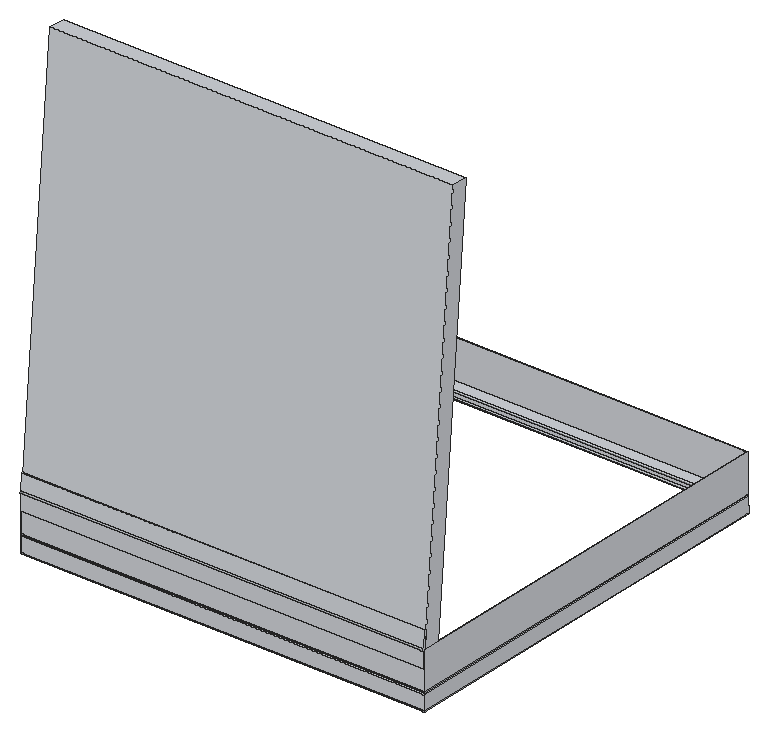
Revit family "CD-P", category Mechanical Equipment, Revit 2015
Parameters
  URL = "https://unitedenertech.com/catalog/pdf/D-8%20%20C-D-P.pdf"
  Type Comments = "Max. Size is (24\"w x 24\"h)"
  Model = "C/D-P"
  Manufacturer = "United Enertech Corporation"
  Exact Width = 1' - 6"
  Exact Length = 1' - 6"
  Door Width [instance] = Exact Width - 0' 0 15/256"  # 1' - 5 241/256"
  Door Height [instance] = Exact Length - 0' 0 15/256"  # 1' - 5 241/256"
  Description = "Square and Rectangular Ceiling Damper"
Reference planes (in)
  plane 1 "Center (Front/Back)": y = 0
  plane 2: z = 0
  plane 3 "Center (Left/Right)": x = 0
  plane 4: x = -9
  plane 5: x = 9
  plane 6: y = -9
  plane 7: y = 9
  plane 8: z = 0.82115
  plane 9: y = -8.875
  plane 10: y = 8.875
  plane 11: z = 2.50155
Dimensions and locks (in)
  equal spacing: plane 4, plane 3 "Center (Left/Right)", plane 5
  "Exact Width": plane 4 to plane 5
  equal spacing: plane 7, plane 1 "Center (Front/Back)", plane 6
  "Exact Length": plane 7 to plane 6
  locked: plane 8 to level at 0.82115
  locked: plane 9 to plane 6 at 0.125
  locked: plane 10 to plane 7 at 0.125
  aligned and locked: level to plane 2
  aligned and locked: plane 3 "Center (Left/Right)" to nested 1
  aligned and locked: plane 7 to nested 1
  aligned and locked: plane 6 to nested 2
  aligned and locked: plane 1 "Center (Front/Back)" to nested 3
  aligned and locked: nested 4 to plane 4
  aligned and locked: plane 5 to nested 3
  aligned and locked: nested 5 to plane 11
  aligned and locked: plane 6 to nested 5
  aligned and locked: plane 3 "Center (Left/Right)" to nested 5
Nested families (in)
  nested 1: "C-SR FRAME 1" at (0, 6.96484, -0.25013), type "C-SR FRAME 1"
    with Frame Length 1' - 6"
  nested 2: "C-SR FRAME 1" at (0, -6.96484, -0.25013), type "C-SR FRAME 1"
    with Frame Length 1' - 6"
  nested 3: "C-SR FRAME" at (6.96484, 0, -0.25013) x (0, -1, 0) z (0, 0, 1), type "C-SR FRAME"
    with Frame Length 1' - 6"
  nested 4: "C-SR FRAME" at (-6.96484, 0, -0.24845) x (0, -1, 0) z (0, 0, 1), type "C-SR FRAME"
    with Frame Length 1' - 6"
  nested 5: "CD-P Door" at (0, -8.03663, 1.75155), type "CD-P Door"
    with W 1' - 5 241/256", H 1' - 5 241/256"
Definition of nested family "C-SR FRAME 1"
  Parameters (values of type "C-SR FRAME 1")
    Frame Length = 2' - 0"
  Reference planes (in)
    plane 1 "Center (Front/Back)": y = 0
    plane 2: z = 0
    plane 3 "Center (Left/Right)": x = 0
    plane 4: x = -12
    plane 5: x = 12
  Forms (in)
    Extrusion 1, solid
      sketch origin (0, 3.63966, -0.3957) x (0, 1, 0) y (0, 0, 1)
        loop
          line (-1.6045, 1.44089) -> (-1.6045, 3.1457) -> (-1.63966, 3.1457) -> (-1.63966, 1.43053) -> (-2.19698, 1.43786)
          arc (-2.19698, 1.43786) -> (-2.23913, 1.3957) -> (-2.19698, 1.35355) r 0.04215
          line (-2.19698, 1.35355) -> (-1.63966, 1.36048) -> (-1.63966, 0.75024) -> (-1.66408, 0.77073) -> (-1.67798, 0.6889)
          arc (-1.67798, 0.6889) -> (-1.64461, 0.64584) -> (-1.6045, 0.6827) r 0.037
          line (-1.6045, 0.6827) -> (-1.6045, 1.35051)
          arc (-1.6045, 1.35051) -> (-1.61782, 1.38247) -> (-1.64988, 1.39551) r 0.045
          arc (-1.64988, 1.39551) -> (-1.61779, 1.4088) -> (-1.6045, 1.44089) r 0.04538
      from -12 to 12
    Extrusion 2, void
      sketch origin (0, 0, 0) x (1, 0, 0) y (0, 1, 0)
        loop
          line (-12, 2.03516) -> (-12, 0) -> (-9.96484, 0) -> (-12, 2.03516)
      from 0 to 12
    Extrusion 3, void
      sketch origin (0, 0, 0) x (-1, 0, 0) y (0, -1, 0)
        loop
          line (-12, -2.03516) -> (-9.96484, 0) -> (-12, 0) -> (-12, -2.03516)
      from 0 to 12
  Cuts and joins
    Extrusion 2, Extrusion 3 cuts Extrusion 1
  Dimensions and locks (in)
    equal spacing: plane 4, plane 3 "Center (Left/Right)", plane 5
    "Frame Length": plane 4 to plane 5
    aligned and locked: level to plane 2
    aligned and locked: plane 4 to Extrusion 1
    aligned and locked: plane 5 to Extrusion 1
  Automatic sketch dimensions
    Extrusion 1 sketch curve to plane 1 "Center (Front/Back)" = 0' - 1.44268"
    level to Extrusion 1 sketch curve = 0' - 0.2932"
    Extrusion 1 sketch curve to Extrusion 1 sketch curve = 0' - 0.519"
    level to Extrusion 1 sketch curve = 0' - 0.37502"
    Extrusion 1 sketch curve to Extrusion 1 sketch curve = 0' - 0.0139"
    Extrusion 1 sketch curve to Extrusion 1 sketch curve = 0' - 0.54709"
    Extrusion 1 sketch curve to Extrusion 1 sketch curve = 0' - 0.00038"
    Extrusion 1 sketch curve to Extrusion 1 sketch curve = 0' - 0.03648"
    Extrusion 1 sketch curve to Extrusion 1 sketch curve = 0' - 0.01023"
    level to Extrusion 1 sketch curve = 0' - 0.96478"
    Extrusion 1 sketch curve to Extrusion 1 sketch curve = 0' - 0.00984"
    Extrusion 1 sketch curve to Extrusion 1 sketch curve = 0' - 0 9/256"
    Extrusion 1 sketch curve to Extrusion 1 sketch curve = 0' - 0.037"
    Extrusion 1 sketch curve to Extrusion 1 sketch curve = 0' - 0.02049"
    Extrusion 1 sketch curve to Extrusion 1 sketch curve = 0' - 0.00997"
    Extrusion 1 sketch curve to Extrusion 1 sketch curve = 0' - 0.00304"
    Extrusion 1 sketch curve to Extrusion 1 sketch curve = 0' - 0.04215"
    Extrusion 1 sketch curve to Extrusion 1 sketch curve = 0' - 0.01036"
    Extrusion 1 sketch curve to Extrusion 1 sketch curve = 0' - 1.70481"
    plane 1 "Center (Front/Back)" to Extrusion 2 sketch curve = 0' - 0"
    Extrusion 2 sketch curve to plane 4 = 0' - 0"
    Extrusion 2 sketch curve to plane 4 = 0' - 2 9/256"
    Extrusion 2 sketch curve to Extrusion 2 sketch curve = 0' - 2 9/256"
    plane 1 "Center (Front/Back)" to Extrusion 3 sketch curve = 0' - 0"
    Extrusion 3 sketch curve to plane 5 = 0' - 0"
    Extrusion 3 sketch curve to Extrusion 3 sketch curve = 0' - 2 9/256"  (x2)
Definition of nested family "C-SR FRAME"
  Parameters (values of type "C-SR FRAME")
    Frame Length = 2' - 0"
  Reference planes (in)
    plane 1 "Center (Front/Back)": y = 0
    plane 2: z = 0
    plane 3 "Center (Left/Right)": x = 0
    plane 4: x = -12
    plane 5: x = 12
  Forms (in)
    Extrusion 1, solid
      sketch origin (0, 3.63966, -0.3957) x (0, 1, 0) y (0, 0, 1)
        loop
          line (-1.6045, 1.44089) -> (-1.6045, 3.1457) -> (-1.63966, 3.1457) -> (-1.63966, 1.43053) -> (-2.19698, 1.43786)
          arc (-2.19698, 1.43786) -> (-2.23913, 1.3957) -> (-2.19698, 1.35355) r 0.04215
          line (-2.19698, 1.35355) -> (-1.63966, 1.36048) -> (-1.63966, 0.75024) -> (-1.66408, 0.77073) -> (-1.67798, 0.6889)
          arc (-1.67798, 0.6889) -> (-1.64461, 0.64584) -> (-1.6045, 0.6827) r 0.037
          line (-1.6045, 0.6827) -> (-1.6045, 1.35051)
          arc (-1.6045, 1.35051) -> (-1.61782, 1.38247) -> (-1.64988, 1.39551) r 0.045
          arc (-1.64988, 1.39551) -> (-1.61779, 1.4088) -> (-1.6045, 1.44089) r 0.04538
      from -12 to 12
    Extrusion 2, void
      sketch origin (0, 0, 0) x (1, 0, 0) y (0, 1, 0)
        loop
          line (-12, 2.03516) -> (-12, 0) -> (-9.96484, 0) -> (-12, 2.03516)
      from 0 to 12
    Extrusion 3, void
      sketch origin (0, 0, 0) x (-1, 0, 0) y (0, -1, 0)
        loop
          line (-12, -2.03516) -> (-9.96484, 0) -> (-12, 0) -> (-12, -2.03516)
      from 0 to 12
  Cuts and joins
    Extrusion 2, Extrusion 3 cuts Extrusion 1
  Dimensions and locks (in)
    equal spacing: plane 4, plane 3 "Center (Left/Right)", plane 5
    "Frame Length": plane 4 to plane 5
    aligned and locked: level to plane 2
    aligned and locked: plane 4 to Extrusion 1
    aligned and locked: plane 5 to Extrusion 1
  Automatic sketch dimensions
    Extrusion 1 sketch curve to plane 1 "Center (Front/Back)" = 0' - 1.44268"
    level to Extrusion 1 sketch curve = 0' - 0.2932"
    Extrusion 1 sketch curve to Extrusion 1 sketch curve = 0' - 0.519"
    level to Extrusion 1 sketch curve = 0' - 0.37502"
    Extrusion 1 sketch curve to Extrusion 1 sketch curve = 0' - 0.0139"
    Extrusion 1 sketch curve to Extrusion 1 sketch curve = 0' - 0.54709"
    Extrusion 1 sketch curve to Extrusion 1 sketch curve = 0' - 0.00038"
    Extrusion 1 sketch curve to Extrusion 1 sketch curve = 0' - 0.03648"
    Extrusion 1 sketch curve to Extrusion 1 sketch curve = 0' - 0.01023"
    level to Extrusion 1 sketch curve = 0' - 0.96478"
    Extrusion 1 sketch curve to Extrusion 1 sketch curve = 0' - 0.00984"
    Extrusion 1 sketch curve to Extrusion 1 sketch curve = 0' - 0 9/256"
    Extrusion 1 sketch curve to Extrusion 1 sketch curve = 0' - 0.037"
    Extrusion 1 sketch curve to Extrusion 1 sketch curve = 0' - 0.02049"
    Extrusion 1 sketch curve to Extrusion 1 sketch curve = 0' - 0.00997"
    Extrusion 1 sketch curve to Extrusion 1 sketch curve = 0' - 0.00304"
    Extrusion 1 sketch curve to Extrusion 1 sketch curve = 0' - 0.04215"
    Extrusion 1 sketch curve to Extrusion 1 sketch curve = 0' - 0.01036"
    Extrusion 1 sketch curve to Extrusion 1 sketch curve = 0' - 1.70481"
    plane 1 "Center (Front/Back)" to Extrusion 2 sketch curve = 0' - 0"
    Extrusion 2 sketch curve to plane 4 = 0' - 0"
    Extrusion 2 sketch curve to plane 4 = 0' - 2 9/256"
    Extrusion 2 sketch curve to Extrusion 2 sketch curve = 0' - 2 9/256"
    plane 1 "Center (Front/Back)" to Extrusion 3 sketch curve = 0' - 0"
    Extrusion 3 sketch curve to plane 5 = 0' - 0"
    Extrusion 3 sketch curve to Extrusion 3 sketch curve = 0' - 2 9/256"  (x2)
Definition of nested family "CD-P Door"
  Parameters (values of type "CD-P Door")
    W = 3' - 0"
    H = 3' - 0"
  Reference planes (in)
    plane 1 "Center (Front/Back)": y = 0
    plane 2: z = 0
    plane 3 "Center (Left/Right)": x = 0
    plane 4: z = 0.75
    plane 5: x = -18
    plane 6: x = 18
  Forms (in)
    Extrusion 1, solid
      sketch origin (0, 0.27826, 1.50985) x (0, 1, 0) y (0, 0, 1)
        loop
          line (-1.24163, -0.75985) -> (-1.17627, -0.0127) -> (-1.22296, -0.00861) -> (-1.28498, -0.71746)
          arc (-1.28498, -0.71746) -> (-1.32638, -0.75761) -> (-1.28943, -0.8019) r 0.0424
          line (-1.28943, -0.8019) -> (-1.28943, -1.50985) -> (-1.24163, -1.50985) -> (-1.24163, -0.75985)
      from -18 to 18
  Lines and regions (in)
    reference lines
      curve 1: line (0, -0.96337, 0.75) -> (0, 2.67987, 0.43126)
  Dimensions and locks (in)
    equal spacing: plane 6, plane 3 "Center (Left/Right)", plane 5
    "W": plane 6 to plane 5
    aligned and locked: level to plane 2
    aligned and locked: Extrusion 1 to plane 5
    aligned and locked: plane 6 to Extrusion 1
    aligned and locked: nested 1 to Extrusion 1
    aligned and locked: nested 1 to curve 1
    aligned and locked: plane 3 "Center (Left/Right)" to nested 1
  Automatic sketch dimensions
    Extrusion 1 sketch curve to level = 0' - 0"
    plane 4 to Extrusion 1 sketch curve = 0' - 0"  (x2)
    plane 4 to Extrusion 1 sketch curve = 0' - 0.04206"
    plane 1 "Center (Front/Back)" to Extrusion 1 sketch curve = 0' - 1.01117"
    Extrusion 1 sketch curve to Extrusion 1 sketch curve = 0' - 0.0054"
    Extrusion 1 sketch curve to Extrusion 1 sketch curve = 0' - 0.0424"
    Extrusion 1 sketch curve to Extrusion 1 sketch curve = 0' - 0.01867"
    Extrusion 1 sketch curve to Extrusion 1 sketch curve = 0' - 0.0467"
    Extrusion 1 sketch curve to plane 4 = 0' - 0.74715"
    Extrusion 1 sketch curve to Extrusion 1 sketch curve = 0' - 0"
    plane 4 to curve 1 = 0' - 0"
    plane 1 "Center (Front/Back)" to curve 1 = 0' - 0.96337"
    plane 4 to curve 1 = 0' - 0.31874"
    curve 1 to plane 1 "Center (Front/Back)" = 0' - 2.67987"
  Nested families (in)
    nested 1: "Hinged Door" at (0, 1.35257, 18.61614) x (1, 0, 0) z (0, -0.9962, 0.0872), type "Hinged Door"
      with W 3' - 0", H 3' - 0"
  Definition of nested family "Hinged Door"
    Parameters (values of type "Hinged Door")
      W = 2' - 0"
      H = 2' - 0"
    Reference planes (in)
      plane 1 "Center (Front/Back)": y = 0
      plane 2: z = 0
      plane 3 "Center (Left/Right)": x = 0
      plane 4: x = -12
      plane 5: x = 12
      plane 6: y = 12
      plane 7: y = -12
      plane 8: z = 0.75
    Forms (in)
      Extrusion 1, solid
        sketch origin (0, 0, 0) x (1, 0, 0) y (0, 1, 0)
          loop
            line (-12, 12) -> (-12, -12) -> (12, -12) -> (12, 12) -> (-12, 12)
        from 0 to 0.75
    Dimensions and locks (in)
      equal spacing: plane 4, plane 3 "Center (Left/Right)", plane 5
      "W": plane 4 to plane 5
      equal spacing: plane 6, plane 1 "Center (Front/Back)", plane 7
      "H": plane 6 to plane 7
      locked: plane 8 to level at 0.75
      aligned and locked: level to plane 2
      aligned and locked: Extrusion 1 sketch curve to plane 6
      aligned and locked: plane 4 to Extrusion 1 sketch curve
      aligned and locked: plane 7 to Extrusion 1 sketch curve
      aligned and locked: Extrusion 1 sketch curve to plane 5
      aligned and locked: Extrusion 1 to level
      aligned and locked: plane 8 to Extrusion 1
